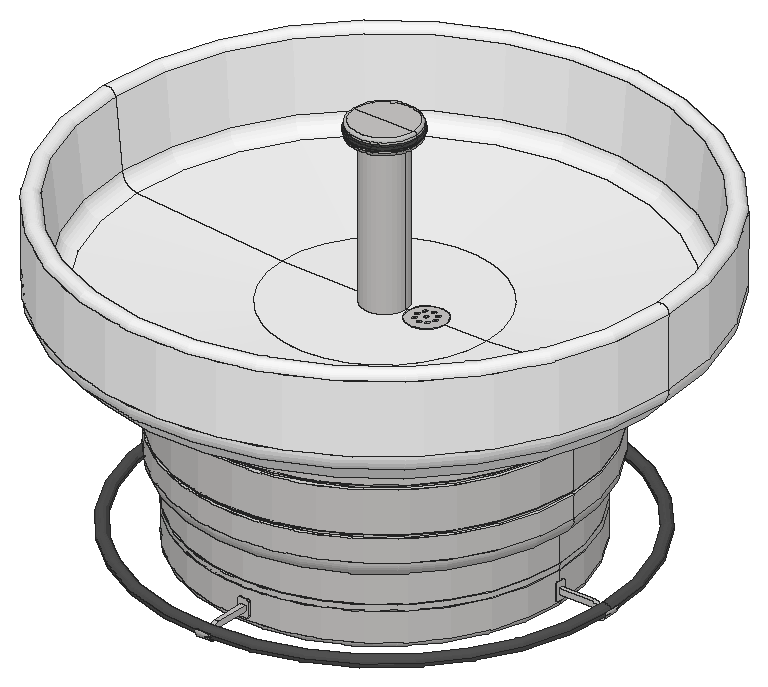
Revit family "Washfountain_Lavatory-Bradley_Corp-WF2608-Type_O_Drain", category Plumbing Fixtures, Revit 2012
Parameters (values of type "Standard")
  Width = 54.000"
  Warranty Information = ""
  WFU = 0
  Voltage = 110 V
  Version = "2.0"
  URL = "http://www.bradleycorp.com/"
  Towel Dispenser Holder [instance] = if((Soap Dispenser), 8.375", 16.875")  # 16.875"
  Towel Dispenser Height [instance] = if(and(Soap Dispenser, Sensor Module, Model ID = 2), 56.000", if(and(No Soap Dispenser, Sensor Module, Model ID = 2), 56.000", if(and(Soap Dispenser, No Sensor Module, Model ID = 2), 52.500", if(and(No Soap Dispenser, No Sensor Module, Model ID = 2), 52.500", if(and(Soap Dispenser, Sensor Module, Model ID = 1), 52.000", if(and(No Soap Dispenser, Sensor Module, Model ID = 1), 52.000", if(and(Soap Dispenser, No Sensor Module, Model ID = 1), 48.500", 48.500")))))))  # 52.500"
  TouchTime® Control [instance] = no
  Technical Data = ""
  Supply Height [instance] = if(and(Sensor Module, Soap Dispenser, Towel Dispenser, Model ID = 2), 72.313", if(and(Sensor Module, Soap Dispenser, No Towel Dispenser, Model ID = 2), 47.625", if(and(Sensor Module, No Soap Dispenser, No Towel Dispenser, Model ID = 2), 39.125", if(and(Sensor Module, No Soap Dispenser, Towel Dispenser, Model ID = 2), 72.313", if(and(No Sensor Module, No Soap Dispenser, No Towel Dispenser, Model ID = 2), 35.625", if(and(No Sensor Module, No Soap Dispenser, Towel Dispenser, Model ID = 2), 68.813", if(and(No Sensor Module, Soap Dispenser, No Towel Dispenser, Model ID = 2), 44.125", if(and(No Sensor Module, Soap Dispenser, Towel Dispenser, Model ID = 2), 68.813", if(and(Sensor Module, Soap Dispenser, Towel Dispenser, Model ID = 1), 68.313", if(and(Sensor Module, Soap Dispenser, No Towel Dispenser, Model ID = 1), 43.625", if(and(Sensor Module, No Soap Dispenser, No Towel Dispenser, Model ID = 1), 35.125", if(and(Sensor Module, No Soap Dispenser, Towel Dispenser, Model ID = 1), 68.313", if(and(No Sensor Module, No Soap Dispenser, No Towel Dispenser, Model ID = 1), 31.625", if(and(No Sensor Module, No Soap Dispenser, Towel Dispenser, Model ID = 1), 64.813", if(and(No Sensor Module, Soap Dispenser, No Towel Dispenser, Model ID = 1), 40.125", 64.813")))))))))))))))  # 35.625"
  Standard Height = Model ID = 2  # yes
  Spray Head Height = 35.625"
  Specifications URL = "http://www.bradleycorp.com/3partspec"
  Soap Dispenser Holder [instance] = 2.500"  # constant formula
  Soap Dispenser Height [instance] = if(and(No Sensor Module, Model ID = 2), 44.125", if(and(Sensor Module, Model ID = 2), 47.625", if(and(No Sensor Module, Model ID = 1), 40.125", 43.625")))  # 44.125"
  Sensor Module Height = 39.125"
  Sensor Module [instance] = or(not(Foot Control Valve), TouchTime® Control, Air Valve Hand Control, Adaptive Infrared Activation Control)  # no
  Rim Height = 29.250"
  Product Tech Data URL - Spanish = ""
  Product Tech Data URL - French = ""
  Product Tech Data URL - English = "http://bradleycorp.com/download/1843/2019.pdf"
  Pedestal Material = Metal - Bradley Corp - Stainless Steel - Satin
  Pedestal Height = 19.000"
  Operating Water Pressure Range = "20 - 80 PSI"
  OmniClass Table 23 Title = "Sinks/Lavatories"
  OmniClass Table 23 Number = "23-31 13 00"
  OmniClass Table 21 Title = "Plumbing Fixtures"
  OmniClass Table 21 Number = "21-04 20 10 60"
  No Towel Dispenser [instance] = not(Towel Dispenser)  # yes
  No Soap Dispenser [instance] = not(Soap Dispenser)  # yes
  No Sensor Module [instance] = not(Sensor Module)  # yes
  Modeling Code = ""
  Model ID = 2
  Model = "WF2608"
  Material Note = "Other Terrazzo colors available - See www.bradleycorp.com "
  MasterFormat Title = "Commercial Lavatories and Sinks"
  MasterFormat Number = "22 42 16"
  Manufacturer = "Bradley Corp"
  Juvenile Height = Model ID = 1  # no
  Industry Standards = "ANSI Z124.3, Z124.6 and ANSI/ICPA SS-1-2001"
  Hot Lavatory Inlet Radius = Hot Lavatory Inlet / 2  # 1/4"
  Hot Lavatory Inlet = 0.500"  # 1/2"
  HWFU = 0
  Frequency = 50 Hz
  Foot Control Valve [instance] = not(or(TouchTime® Control, Air Valve Hand Control, Adaptive Infrared Activation Control))  # yes
  Flow Rate = 5.0 GPM
  Fire Rating = "n/a"
  Drain Radius = Drain / 2  # 1"
  Drain = 2"
  Description = "Washfountain, 54\" Circular with 9\" Deep Bowl"
  Copyright = "This Model Data is Property of Bradley Corporation"
  Cold Lavatory Inlet Radius = Cold Lavatory Inlet / 2  # 1/4"
  Cold Lavatory Inlet = 0.500"  # 1/2"
  CWFU = 0
  Buy American Act = "No"
  Button Visibility [instance] = or(TouchTime® Control, Air Valve Hand Control)  # no
  Bowl Material [instance] = Stone - Bradley Corp - White Marmorite
  Assembly Code = "D2010300"
  Air Valve Hand Control [instance] = no
  Adaptive Infrared Activation Control [instance] = no
  ADA Compliant = "Yes"
  Soap Dispenser [instance] = no
  Towel Dispenser [instance] = no
Reference planes (in)
  plane 1 "Center (Front/Back)": y = 0
  plane 2: z = 0
  plane 3 "Center (Left/Right)": x = 0
  plane 4 "Left": x = -27
  plane 5 "Right": x = 27
  plane 6 "Front": y = -27
  plane 7 "Back": y = 27
  plane 8 "Towel Dispenser": z = 52.5
  plane 9 "Soap Dispenser": z = 44.125
  plane 10 "Sensor Module": z = 39.125
  plane 11 "Spray Head": z = 35.625
  plane 12 "Rim Height": z = 29.25
  plane 13 "Pedestal Height": z = 19
  plane 14: z = 38.125
Forms (in)
  Revolve 1, solid, material "Stone - Bradley Corp - White Marmorite" <- "Bowl Material", detail levels medium+fine
    sketch origin (-3, 0, 29.25) x (1, 0, 0) y (0, 0, 1)
      loop
        line (-24, -0.75) -> (-24, -7.10922)
        arc (-24, -7.10922) -> (-23.84776, -7.87459) -> (-23.41421, -8.52343) r 2
        line (-23.41421, -8.52343) -> (-21.68765, -10.25) -> (1, -10.25) -> (1, -9) -> (-6.75, -9)
        arc (-6.75, -9) -> (-13.62836, -8.77247) -> (-20.47664, -8.09088) r 104.08291
        arc (-20.47664, -8.09088) -> (-21.43666, -7.65917) -> (-21.89048, -6.70941) r 1.52978
        line (-21.89048, -6.70941) -> (-22.51639, -0.59407)
        arc (-22.51639, -0.59407) -> (-23.32839, -0.00411) -> (-24, -0.75) r 0.75
      axis (3, -0.59407) -> (3, -10.25)
    angle from 0 to 360
  Revolve 2, solid, material "Stone - Bradley Corp - White Marmorite" <- "Bowl Material", detail levels coarse
    sketch origin (-3, 0, 29.25) x (1, 0, 0) y (0, 0, 1)
      loop
        line (-24, 0) -> (-24, -10.25) -> (3, -10.25) -> (3, -9) -> (-4.5, -9) -> (-21.74309, -7.95152) -> (-22.57883, 0) -> (-24, 0)
      axis (3, 0) -> (3, -10.25)
    angle from 0 to 360
  Revolve 3, solid, material "Metal - Bradley Corp - Stainless Steel - Satin" <- "Pedestal Material", visible <- "Standard Height", detail levels medium+fine
    sketch origin (-3, 0, 19) x (1, 0, 0) y (0, 0, 1)
      loop
        line (-14.96214, 0.00002) -> (-14.96214, -4.37498) -> (-14.83714, -4.49998) -> (-14.83714, -4.62498) -> (-14.96214, -4.74998) -> (-14.96214, -8.56248) -> (-14.83714, -8.68748) -> (-14.83714, -8.81248) -> (-14.96214, -8.93748) -> (-14.96214, -10.99998)
        arc (-14.96214, -10.99998) -> (-14.57597, -12.00466) -> (-13.6163, -12.49204) r 1.5
        line (-13.6163, -12.49204) -> (-13.6163, -15.1945) -> (-13.6643, -15.25815) -> (-13.6643, -15.75585) -> (-13.6163, -15.8195) -> (-13.6163, -18.5)
        arc (-13.6163, -18.5) -> (-13.46985, -18.85355) -> (-13.1163, -19) r 0.5
        line (-13.1163, -19) -> (3, -19) -> (3, 0.00002) -> (-14.96214, 0.00002)
      axis (3, 0.00002) -> (3, -19)
    angle from 0 to 360
  Revolve 4, solid, material "Metal - Bradley Corp - Stainless Steel - Satin" <- "Pedestal Material", visible <- "Standard Height", detail levels coarse
    sketch origin (-3, 0, 19) x (1, 0, 0) y (0, 0, 1)
      loop
        line (-14.96214, 0) -> (-14.96214, -12.49204) -> (-13.6163, -12.49204) -> (-13.6163, -19) -> (3, -19) -> (3, 0) -> (-14.96214, 0)
      axis (3, 0) -> (3, -19)
    angle from 0 to 360
  Revolve 5, solid, material "Metal - Bradley Corp - Stainless Steel - Satin" <- "Pedestal Material", visible <- "Juvenile Height", detail levels medium+fine
    sketch origin (-3, 0, 19) x (1, 0, 0) y (0, 0, 1)
      loop
        line (-14.96214, 0) -> (-14.96214, -3.42941) -> (-14.86416, -3.52739) -> (-14.86416, -3.62537) -> (-14.96214, -3.72336) -> (-14.96214, -6.71184) -> (-14.86416, -6.80982) -> (-14.86416, -6.90781) -> (-14.96214, -7.00579) -> (-14.96214, -8.44011)
        arc (-14.96214, -8.44011) -> (-14.56796, -9.39176) -> (-13.6163, -9.78595) r 1.34584
        line (-13.6163, -9.78595) -> (-13.6163, -11.1945) -> (-13.6643, -11.25815) -> (-13.6643, -11.75585) -> (-13.6163, -11.8195) -> (-13.6163, -14.60807)
        arc (-13.6163, -14.60807) -> (-13.50151, -14.88521) -> (-13.22437, -15) r 0.39193
        line (-13.22437, -15) -> (3, -15) -> (3, 0) -> (-14.96214, 0)
      axis (3, 0) -> (3, -15)
    angle from 0 to 360
  Revolve 6, solid, material "Metal - Bradley Corp - Stainless Steel - Satin" <- "Pedestal Material", visible <- "Juvenile Height", detail levels coarse
    sketch origin (-3, 0, 19) x (1, 0, 0) y (0, 0, 1)
      loop
        line (-14.96214, 0.00002) -> (-14.96214, -9.78595) -> (-13.6163, -9.78595) -> (-13.6163, -15) -> (3, -15) -> (3, 0.00002) -> (-14.96214, 0.00002)
      axis (3, 0.00002) -> (3, -15)
    angle from 0 to 360
  Revolve 7, solid, material "Metal - Bradley Corp - Stainless Steel - Polished", detail levels fine
    sketch origin (-3, 0, 35.625) x (1, 0, 0) y (0, 0, 1)
      loop
        arc (0.215, 0.00002) -> (0.03822, -0.0732) -> (-0.035, -0.24998) r 0.25
        line (-0.035, -0.24998) -> (-0.035, -0.44498)
        arc (-0.035, -0.44498) -> (-0.10129, -0.47244) -> (-0.12875, -0.53873) r 0.09375
        line (-0.12875, -0.53873) -> (-0.12875, -0.85123)
        arc (-0.12875, -0.85123) -> (-0.10129, -0.91752) -> (-0.035, -0.94498) r 0.09375
        line (-0.035, -0.94498) -> (-0.035, -1.13998)
        arc (-0.035, -1.13998) -> (0.03822, -1.31676) -> (0.215, -1.38998) r 0.25
        line (0.215, -1.38998) -> (1, -1.38998) -> (1, -16.625) -> (3, -16.625) -> (3, 0.00002) -> (0.215, 0.00002)
      axis (3, 0.00002) -> (3, -16.625)
    angle from 0 to 360
  Revolve 8, solid, material "Metal - Bradley Corp - Stainless Steel - Polished", detail levels coarse+medium
    sketch origin (-3, 0, 35.625) x (1, 0, 0) y (0, 0, 1)
      loop
        line (3, 0) -> (0.21498, 0) -> (-0.12875, -0.44498) -> (-0.12875, -0.94498) -> (0.215, -1.38998) -> (1, -1.38998) -> (1, -16.625) -> (3, -16.625) -> (3, 0)
      axis (3, 0) -> (3, -16.625)
    angle from 0 to 360
  Revolve 9, solid, material "Metal - Bradley Corp - Stainless Steel - Polished", visible <- "Soap Dispenser", detail levels fine
    sketch origin (-3, 0, 44.125) x (1, 0, 0) y (0, 0, 1)
      loop
        arc (-1.17907, 0) -> (-2.18101, -0.11803) -> (-3.1566, -0.375) r 7.19764
        line (-3.1566, -0.375) -> (-3.1566, -1) -> (-3.01376, -1) -> (-3.01376, -1.64327) -> (-2.98301, -1.64327) -> (-2.98301, -2.89327) -> (-2.93039, -2.89327) -> (-2.93039, -4.14327) -> (-2.87777, -4.14327) -> (-2.87777, -5.39327) -> (-2.81, -5.39327) -> (-2.81, -6) -> (3, -6) -> (3, 0) -> (-1.17907, 0)
      axis (3, 0) -> (3, -6)
    angle from 0 to 360
  Revolve 10, solid, material "Metal - Bradley Corp - Stainless Steel - Polished", visible <- "Soap Dispenser", detail levels coarse+medium
    sketch origin (-3, 0, 44.125) x (1, 0, 0) y (0, 0, 1)
      loop
        line (3, -1) -> (-3.1566, -1) -> (-2.81, -6) -> (3, -6) -> (3, -1)
      axis (3, -1) -> (3, -6)
    angle from 0 to 360
  Revolve 11, solid, material "Metal - Bradley Corp - Stainless Steel - Polished", visible <- "Sensor Module", detail levels fine
    sketch origin (-3, 0, 39.125) x (1, 0, 0) y (0, 0, 1)
      loop
        line (-1.49987, -0.56541) -> (-1.49987, -1.98683)
        arc (-1.49987, -1.98683) -> (-1.48063, -2.08301) -> (-1.42587, -2.16439) r 0.25
        line (-1.42587, -2.16439) -> (-0.82309, -2.76716)
        arc (-0.82309, -2.76716) -> (-0.74199, -2.82135) -> (-0.64632, -2.84038) r 0.25
        line (-0.64632, -2.84038) -> (1, -2.84038) -> (1, -3.5) -> (3, -3.5) -> (3, 0) -> (0.89718, 0)
        arc (0.89718, 0) -> (-0.28099, -0.0858) -> (-1.45612, -0.2063) r 40.06
        arc (-1.45612, -0.2063) -> (-1.54124, -0.251) -> (-1.57537, -0.34072) r 0.135
        line (-1.57537, -0.34072) -> (-1.57537, -0.56541) -> (-1.49987, -0.56541)
      axis (3, 0) -> (3, -3.5)
    angle from 0 to 360
  Revolve 12, solid, material "Metal - Bradley Corp - Stainless Steel - Polished", visible <- "Sensor Module", detail levels coarse+medium
    sketch origin (-3, 0, 39.125) x (1, 0, 0) y (0, 0, 1)
      loop
        line (-1.57537, -2.01488) -> (-0.75025, -2.84) -> (1, -2.84) -> (1, -3.5) -> (3, -3.5) -> (3, 0) -> (-1.57537, 0) -> (-1.57537, -2.01488)
      axis (3, 0) -> (3, -3.5)
    angle from 0 to 360
  Extrusion 13, solid, material "Metal - Bradley Corp - Stainless Steel - Polished", visible <- "Towel Dispenser"
    sketch origin (-5.60167, 3.20696, 52.5) x (0, 0, 1) y (0, 1, 0)
      loop
        line (0, 0) -> (15.313, 0) -> (14.62567, 4) -> (1.37502, 4) -> (0, 1.75) -> (0, 0)
    from -0.10167 to -11.10192
  Extrusion 14, solid, material "Metal - Bradley Corp - Stainless Steel - Polished", visible <- "Towel Dispenser"
    sketch origin (-0.0117, -6.47515, 55.75) x (0, 0, 1) y (-0.866025, -0.5, 0)
      loop
        line (-3.25, 0) -> (12.063, 0) -> (11.37567, 4) -> (-1.87498, 4) -> (-3.25, 1.75) -> (-3.25, 0)
    from -0.10167 to -11.10192
  Extrusion 15, solid, material "Metal - Bradley Corp - Stainless Steel - Polished", visible <- "Towel Dispenser"
    sketch origin (5.61356, 3.22741, 55.75) x (0, 0, 1) y (0.866038, -0.499977, 0)
      loop
        line (-3.25, 0) -> (12.063, 0) -> (11.37567, 4) -> (-1.87498, 4) -> (-3.25, 1.75) -> (-3.25, 0)
    from -0.10167 to -11.10192
  Extrusion 16, solid, material "Metal - Bradley Corp - Stainless Steel - Polished", visible <- "Towel Dispenser"
    sketch origin (0, 0, 52.5) x (-1, 0, 0) y (0, -1, 0)
      loop
        circle (0, 0) r 2
    from -16.875 to 16.313
  Extrusion 17, solid, material "Metal - Bradley Corp - Stainless Steel - Polished", visible <- "Soap Dispenser"
    sketch origin (0, 0, 44.125) x (-1, 0, 0) y (0, -1, 0)
      loop
        circle (0, 0) r 2
    from -6 to -8.5
  Extrusion 18, solid, material "Metal - Bradley Corp - Stainless Steel - Polished", visible <- "Towel Dispenser"
    sketch origin (0, 0, 52.5) x (-1, 0, 0) y (0, -1, 0)
      loop
        line (5.5, -3.20696) -> (5.56259, -3.13929) -> (0.06259, 6.38699) -> (-0.06295, 6.38699) -> (-5.56269, -3.13929) -> (-5.50026, -3.20696) -> (5.5, -3.20696)
      loop
        circle (0, 0) r 2
    from 14.62567 to 14.12567
  Extrusion 19, solid, material "Metal - Bradley Corp - Stainless Steel - Polished", visible <- "Towel Dispenser"
    sketch origin (0, 0, 52.5) x (-1, 0, 0) y (0, -1, 0)
      loop
        line (5.56259, -3.13929) -> (0.06259, 6.38699) -> (-0.06295, 6.38699) -> (-5.56269, -3.13929) -> (-5.50026, -3.20696) -> (5.5, -3.20696) -> (5.56259, -3.13929)
      loop
        circle (0, 0) r 2
    from 1.0786 to 1.5786
  Sweep 20, solid, material "Plastic - Bradley Corp - Black", visible <- "Foot Control Valve"
    path in 3D
      loop
        arc (-21, 0, 0) -> (0, -21, 0) -> (21, 0, 0) r 21
        arc (21, 0, 0) -> (0, 21, 0) -> (-21, 0, 0) r 21
    profile origin (0, 21, 0) x (0, -1, 0) y (0, 0, 1)
      loop
        circle (0, 1.425) r 0.5
  Extrusion 21, solid, material "Metal - Bradley Corp - Stainless Steel - Satin", visible <- "Foot Control Valve"
    sketch origin (0, 0, 0) x (1, 0, 0) y (0, 0, 1)
      loop
        arc (-21.48307, 1.55388) -> (-21.51847, 1.61509) -> (-21.57968, 1.57969) r 0.05
        arc (-21.57968, 1.57969) -> (-21.01372, 0.82503) -> (-20.41385, 1.55302) r 0.6
        arc (-20.41385, 1.55302) -> (-20.47337, 1.59119) -> (-20.51154, 1.53166) r 0.05
        arc (-20.51154, 1.53166) -> (-21.01143, 0.925) -> (-21.48307, 1.55388) r 0.5
      loop
        arc (21.48307, 1.55388) -> (21.01143, 0.925) -> (20.51154, 1.53166) r 0.5
        arc (20.51154, 1.53166) -> (20.47337, 1.59119) -> (20.41385, 1.55302) r 0.05
        arc (20.41385, 1.55302) -> (21.01372, 0.82503) -> (21.57968, 1.57969) r 0.6
        arc (21.57968, 1.57969) -> (21.51847, 1.61509) -> (21.48307, 1.55388) r 0.05
    from -0.67 to 0.67
  Extrusion 22, solid, material "Metal - Bradley Corp - Stainless Steel - Satin", visible <- "Foot Control Valve"
    sketch origin (0, 0, 0) x (0, 1, 0) y (0, 0, 1)
      loop
        arc (21.48307, 1.55401) -> (21.01143, 0.92513) -> (20.51154, 1.53179) r 0.5
        arc (20.51154, 1.53179) -> (20.47337, 1.59132) -> (20.41385, 1.55315) r 0.05
        arc (20.41385, 1.55315) -> (21.01372, 0.82516) -> (21.57968, 1.57982) r 0.6
        arc (21.57968, 1.57982) -> (21.51847, 1.61522) -> (21.48307, 1.55401) r 0.05
      loop
        arc (-21.48307, 1.55401) -> (-21.51847, 1.61522) -> (-21.57968, 1.57982) r 0.05
        arc (-21.57968, 1.57982) -> (-21.01372, 0.82516) -> (-20.41385, 1.55315) r 0.6
        arc (-20.41385, 1.55315) -> (-20.47337, 1.59132) -> (-20.51154, 1.53179) r 0.05
        arc (-20.51154, 1.53179) -> (-21.01143, 0.92513) -> (-21.48307, 1.55401) r 0.5
    from -0.67 to 0.67
  Extrusion 23, solid, material "Metal - Bradley Corp - Stainless Steel - Satin", visible <- "Foot Control Valve"
    sketch origin (0, 0, 0) x (1, 0, 0) y (0, 0, 1)
      loop
        line (-16.6163, 1.26725) -> (-16.6163, 1.76725) -> (-19.80661, 1.76725)
        arc (-19.80661, 1.76725) -> (-20.14911, 1.67556) -> (-20.4, 1.42503) r 0.68556
        arc (-20.4, 1.42503) -> (-20.57574, 1.00076) -> (-21, 0.82503) r 0.6
        arc (-21, 0.82503) -> (-20.42367, 0.87326) -> (-19.94786, 1.20202) r 1.12245
        arc (-19.94786, 1.20202) -> (-19.8844, 1.25015) -> (-19.80661, 1.26725) r 0.18556
        line (-19.80661, 1.26725) -> (-16.6163, 1.26725)
      loop
        line (16.6163, 1.26725) -> (19.80661, 1.26725)
        arc (19.80661, 1.26725) -> (19.8844, 1.25015) -> (19.94786, 1.20202) r 0.18556
        arc (19.94786, 1.20202) -> (20.42367, 0.87326) -> (21, 0.82503) r 1.12245
        arc (21, 0.82503) -> (20.57574, 1.00076) -> (20.4, 1.42503) r 0.6
        arc (20.4, 1.42503) -> (20.14911, 1.67556) -> (19.80661, 1.76725) r 0.68556
        line (19.80661, 1.76725) -> (16.6163, 1.76725) -> (16.6163, 1.26725)
    from -0.2 to 0.2
  Extrusion 24, solid, material "Metal - Bradley Corp - Stainless Steel - Satin", visible <- "Foot Control Valve"
    sketch origin (0, 0, 0) x (0, 1, 0) y (0, 0, 1)
      loop
        line (16.61723, 1.27219) -> (19.80754, 1.27219)
        arc (19.80754, 1.27219) -> (19.88533, 1.25509) -> (19.94879, 1.20696) r 0.18556
        arc (19.94879, 1.20696) -> (20.4246, 0.8782) -> (21.00093, 0.82997) r 1.12245
        arc (21.00093, 0.82997) -> (20.57666, 1.0057) -> (20.40093, 1.42997) r 0.6
        arc (20.40093, 1.42997) -> (20.15004, 1.6805) -> (19.80754, 1.77219) r 0.68556
        line (19.80754, 1.77219) -> (16.61723, 1.77219) -> (16.61723, 1.27219)
      loop
        line (-16.61723, 1.27219) -> (-16.61723, 1.77219) -> (-19.80754, 1.77219)
        arc (-19.80754, 1.77219) -> (-20.15004, 1.6805) -> (-20.40093, 1.42997) r 0.68556
        arc (-20.40093, 1.42997) -> (-20.57666, 1.0057) -> (-21.00093, 0.82997) r 0.6
        arc (-21.00093, 0.82997) -> (-20.4246, 0.8782) -> (-19.94879, 1.20696) r 1.12245
        arc (-19.94879, 1.20696) -> (-19.88533, 1.25509) -> (-19.80754, 1.27219) r 0.18556
        line (-19.80754, 1.27219) -> (-16.61723, 1.27219)
    from -0.19588 to 0.2
  Extrusion 25, solid, material "Metal - Bradley Corp - Stainless Steel - Satin", visible <- "Foot Control Valve"
    sketch origin (0, 0, 0) x (0, 1, 0) y (0, 0, 1)
      loop
        line (0.25501, 2.33461) -> (-0.24499, 2.33461)
        arc (-0.24499, 2.33461) -> (-0.42177, 2.26139) -> (-0.49499, 2.08461) r 0.25
        line (-0.49499, 2.08461) -> (-0.49499, 0.95961)
        arc (-0.49499, 0.95961) -> (-0.42177, 0.78284) -> (-0.24499, 0.70961) r 0.25
        line (-0.24499, 0.70961) -> (0.25501, 0.70961)
        arc (0.25501, 0.70961) -> (0.43178, 0.78284) -> (0.50501, 0.95961) r 0.25
        line (0.50501, 0.95961) -> (0.50501, 2.08461)
        arc (0.50501, 2.08461) -> (0.43178, 2.26139) -> (0.25501, 2.33461) r 0.25
      loop
        line (0.24214, 1.22802) -> (0.24214, 1.81621) -> (-0.23845, 1.81621) -> (-0.23845, 1.22802) -> (0.24214, 1.22802)
    from -16.72356 to -16.6163
  Extrusion 26, solid, material "Metal - Bradley Corp - Stainless Steel - Satin", visible <- "Foot Control Valve"
    sketch origin (0, 0, 0) x (0, 1, 0) y (0, 0, 1)
      loop
        arc (-0.25501, 2.33461) -> (-0.43178, 2.26139) -> (-0.50501, 2.08461) r 0.25
        line (-0.50501, 2.08461) -> (-0.50501, 0.95961)
        arc (-0.50501, 0.95961) -> (-0.43178, 0.78284) -> (-0.25501, 0.70961) r 0.25
        line (-0.25501, 0.70961) -> (0.24499, 0.70961)
        arc (0.24499, 0.70961) -> (0.42177, 0.78284) -> (0.49499, 0.95961) r 0.25
        line (0.49499, 0.95961) -> (0.49499, 2.08461)
        arc (0.49499, 2.08461) -> (0.42177, 2.26139) -> (0.24499, 2.33461) r 0.25
        line (0.24499, 2.33461) -> (-0.25501, 2.33461)
      loop
        line (-0.24214, 1.22802) -> (0.23845, 1.22802) -> (0.23845, 1.81621) -> (-0.24214, 1.81621) -> (-0.24214, 1.22802)
    from 16.6163 to 16.73125
  Extrusion 27, solid, material "Metal - Bradley Corp - Stainless Steel - Satin", visible <- "Foot Control Valve"
    sketch origin (0, 0, 0) x (1, 0, 0) y (0, 0, 1)
      loop
        arc (-0.25501, 2.33461) -> (-0.43178, 2.26139) -> (-0.50501, 2.08461) r 0.25
        line (-0.50501, 2.08461) -> (-0.50501, 0.95961)
        arc (-0.50501, 0.95961) -> (-0.43178, 0.78284) -> (-0.25501, 0.70961) r 0.25
        line (-0.25501, 0.70961) -> (0.24499, 0.70961)
        arc (0.24499, 0.70961) -> (0.42177, 0.78284) -> (0.49499, 0.95961) r 0.25
        line (0.49499, 0.95961) -> (0.49499, 2.08461)
        arc (0.49499, 2.08461) -> (0.42177, 2.26139) -> (0.24499, 2.33461) r 0.25
        line (0.24499, 2.33461) -> (-0.25501, 2.33461)
      loop
        line (-0.24214, 1.22802) -> (0.23845, 1.22802) -> (0.23845, 1.81621) -> (-0.24214, 1.81621) -> (-0.24214, 1.22802)
    from -16.72356 to -16.6163
  Extrusion 28, solid, material "Metal - Bradley Corp - Stainless Steel - Satin", visible <- "Foot Control Valve"
    sketch origin (0, 0, 0) x (1, 0, 0) y (0, 0, 1)
      loop
        line (0.25501, 2.33461) -> (-0.24499, 2.33461)
        arc (-0.24499, 2.33461) -> (-0.42177, 2.26139) -> (-0.49499, 2.08461) r 0.25
        line (-0.49499, 2.08461) -> (-0.49499, 0.95961)
        arc (-0.49499, 0.95961) -> (-0.42177, 0.78284) -> (-0.24499, 0.70961) r 0.25
        line (-0.24499, 0.70961) -> (0.25501, 0.70961)
        arc (0.25501, 0.70961) -> (0.43178, 0.78284) -> (0.50501, 0.95961) r 0.25
        line (0.50501, 0.95961) -> (0.50501, 2.08461)
        arc (0.50501, 2.08461) -> (0.43178, 2.26139) -> (0.25501, 2.33461) r 0.25
      loop
        line (0.24214, 1.22802) -> (0.24214, 1.81621) -> (-0.23845, 1.81621) -> (-0.23845, 1.22802) -> (0.24214, 1.22802)
    from 16.61723 to 16.73515
  Extrusion 29, void
    sketch origin (0, 0, 19) x (-1, 0, 0) y (0, -1, 0)
      loop
        circle (-4, 0) r 1.75
    from 0 to 10.25
  Extrusion 30, solid, material "Metal - Bradley Corp - Stainless Steel - Polished", detail levels medium+fine
    sketch origin (0, 0, 19) x (-1, 0, 0) y (0, -1, 0)
      loop
        circle (-4, 0) r 1.75
      loop
        circle (-4, 0) r 0.1842
      loop
        circle (-4, -0.87771) r 0.1842
      loop
        circle (-3.12229, 0) r 0.1842
      loop
        circle (-4, 0.87771) r 0.1842
      loop
        circle (-4.87771, 0) r 0.1842
      loop
        circle (-4.62063, -0.62063) r 0.1842
      loop
        circle (-3.37937, -0.62063) r 0.1842
      loop
        circle (-3.37937, 0.62063) r 0.1842
      loop
        circle (-4.62063, 0.62063) r 0.1842
    from 1.25 to 1.20024
  Extrusion 31, solid, material "Default", not visible, detail levels medium+fine
    sketch origin (0, 0, 0) x (1, 0, 0) y (0, 1, 0)
      loop
        circle (4, 0) r 1
      loop
        line (1, 5.5) -> (-1, 5.5) -> (-1, 4.5) -> (1, 4.5) -> (1, 5.5)
    from 0 to 3
  Extrusion 32, solid, material "Default", not visible, detail levels medium+fine
    sketch origin (0, 0, 0) x (1, 0, 0) y (0, 1, 0)
      loop
        circle (-0.875, 1.25) r 0.25
      loop
        circle (0.875, 1.25) r 0.25
    from 0 to 35.625
  Revolve 33, solid, material "Plastic - Bradley Corp - Black", visible <- "Soap Dispenser", detail levels coarse+medium
    sketch origin (-3, 0, 44.125) x (1, 0, 0) y (0, 0, 1)
      loop
        line (-3.1566, -1) -> (3, -1) -> (3, 0) -> (-3.22592, 0) -> (-3.1566, -1)
      axis (3, 0) -> (3, -1)
    angle from 0 to 360
  Extrusion 34, solid, material "Metal - Bradley Corp - Stainless Steel - Polished", visible <- "Button Visibility"
    sketch origin (-3, 0, 39.125) x (1, 0, 0) y (0, 0, 1)
      loop
        circle (3, -1.3649) r 0.5
    from 4.57537 to 4.97537
  Extrusion 35, solid, material "Metal - Bradley Corp - Stainless Steel - Polished", visible <- "Button Visibility"
    sketch origin (-3, 0, 39.125) x (1, 0, 0) y (0, 0, 1)
      loop
        circle (3, -1.3649) r 0.5
    from -4.57537 to -4.97537
  Extrusion 36, solid, material "Metal - Bradley Corp - Stainless Steel - Polished", visible <- "Button Visibility", detail levels fine
    sketch origin (-3, 0, 39.125) x (1, 0, 0) y (0, 0, 1)
      loop
        circle (3, -1.3649) r 0.25
    from 4.49987 to 4.57537
  Extrusion 37, solid, material "Metal - Bradley Corp - Stainless Steel - Polished", visible <- "Button Visibility", detail levels fine
    sketch origin (-3, 0, 39.125) x (1, 0, 0) y (0, 0, 1)
      loop
        circle (3, -1.3649) r 0.25
    from -4.57537 to -4.49987
Cuts and joins
  Extrusion 29 cuts Revolve 2
  Extrusion 29 cuts Revolve 1
Lines and regions (in)
  Masking region 1, detail levels coarse
    outline origin (-3, 0, 29.25) x (1, 0, 0) y (0, 0, 1)
      loop
        line (-24, 0) -> (-24, -10.25) -> (30, -10.25) -> (30, 0) -> (-24, 0)
  Masking region 2, detail levels medium+fine
    outline origin (-3, 0, 29.25) x (1, 0, 0) y (0, 0, 1)
      loop
        arc (-23.25, 0) -> (-23.78033, -0.21967) -> (-24, -0.75) r 0.75
        line (-24, -0.75) -> (-24, -7.10922)
        arc (-24, -7.10922) -> (-23.84776, -7.87459) -> (-23.41421, -8.52343) r 2
        line (-23.41421, -8.52343) -> (-21.68765, -10.25) -> (27.68765, -10.25) -> (29.41421, -8.52343)
        arc (29.41421, -8.52343) -> (29.84776, -7.87459) -> (30, -7.10922) r 2
        line (30, -7.10922) -> (30, -0.75)
        arc (30, -0.75) -> (29.78033, -0.21967) -> (29.25, 0) r 0.75
        line (29.25, 0) -> (-23.25, 0)
  Masking region 3, visible <- "Standard Height", detail levels coarse
    outline origin (-3, 0, 19) x (1, 0, 0) y (0, 0, 1)
      loop
        line (-14.96214, 0) -> (-14.96214, -12.49204) -> (-13.6163, -12.49204) -> (-13.6163, -19) -> (19.6163, -19) -> (19.6163, -12.49204) -> (20.96214, -12.49204) -> (20.96214, 0) -> (-14.96214, 0)
  Masking region 4, visible <- "Standard Height", detail levels medium+fine
    outline origin (-3, 0, 19) x (1, 0, 0) y (0, 0, 1)
      loop
        line (-14.96214, 0.00002) -> (-14.96214, -4.37498) -> (-14.83714, -4.49998) -> (-14.83714, -4.62498) -> (-14.96214, -4.74998) -> (-14.96214, -8.56248) -> (-14.83714, -8.68748) -> (-14.83714, -8.81248) -> (-14.96214, -8.93748) -> (-14.96214, -10.99998)
        arc (-14.96214, -10.99998) -> (-14.57597, -12.00466) -> (-13.6163, -12.49204) r 1.5
        line (-13.6163, -12.49204) -> (-13.6163, -15.1945) -> (-13.6643, -15.25815) -> (-13.6643, -15.75585) -> (-13.6163, -15.8195) -> (-13.6163, -18.5)
        arc (-13.6163, -18.5) -> (-13.46985, -18.85355) -> (-13.1163, -19) r 0.5
        line (-13.1163, -19) -> (19.1163, -19)
        arc (19.1163, -19) -> (19.46985, -18.85355) -> (19.6163, -18.5) r 0.5
        line (19.6163, -18.5) -> (19.6163, -15.8195) -> (19.6643, -15.75585) -> (19.6643, -15.25815) -> (19.6163, -15.1945) -> (19.6163, -12.49204)
        arc (19.6163, -12.49204) -> (20.57597, -12.00466) -> (20.96214, -10.99998) r 1.5
        line (20.96214, -10.99998) -> (20.96214, -8.93748) -> (20.83714, -8.81248) -> (20.83714, -8.68748) -> (20.96214, -8.56248) -> (20.96214, -4.74998) -> (20.83714, -4.62498) -> (20.83714, -4.49998) -> (20.96214, -4.37498) -> (20.96214, 0.00002) -> (-14.96214, 0.00002)
  Masking region 5, visible <- "Juvenile Height", detail levels coarse
    outline origin (-3, 0, 19) x (1, 0, 0) y (0, 0, 1)
      loop
        line (-14.96214, 0) -> (-14.96214, -9.78595) -> (-13.6163, -9.78595) -> (-13.6163, -15) -> (19.6163, -15) -> (19.6163, -9.78595) -> (20.96214, -9.78595) -> (20.96214, 0) -> (-14.96214, 0)
  Masking region 6, visible <- "Juvenile Height", detail levels medium+fine
    outline origin (-3, 0, 19) x (1, 0, 0) y (0, 0, 1)
      loop
        line (-14.96214, 0) -> (-14.96214, -3.42941) -> (-14.86416, -3.52739) -> (-14.86416, -3.62537) -> (-14.96214, -3.72336) -> (-14.96214, -6.71184) -> (-14.86416, -6.80982) -> (-14.86416, -6.90781) -> (-14.96214, -7.00579) -> (-14.96214, -8.44011)
        arc (-14.96214, -8.44011) -> (-14.56796, -9.39176) -> (-13.6163, -9.78595) r 1.34584
        line (-13.6163, -9.78595) -> (-13.6163, -11.1945) -> (-13.6643, -11.25815) -> (-13.6643, -11.75585) -> (-13.6163, -11.8195) -> (-13.6163, -14.60807)
        arc (-13.6163, -14.60807) -> (-13.50151, -14.88521) -> (-13.22437, -15) r 0.39193
        line (-13.22437, -15) -> (19.22437, -15)
        arc (19.22437, -15) -> (19.50151, -14.88521) -> (19.6163, -14.60807) r 0.39193
        line (19.6163, -14.60807) -> (19.6163, -11.8195) -> (19.6643, -11.75585) -> (19.6643, -11.25815) -> (19.6163, -11.1945) -> (19.6163, -9.78595)
        arc (19.6163, -9.78595) -> (20.56796, -9.39176) -> (20.96214, -8.44011) r 1.34584
        line (20.96214, -8.44011) -> (20.96214, -7.00579) -> (20.86416, -6.90781) -> (20.86416, -6.80982) -> (20.96214, -6.71184) -> (20.96214, -3.72336) -> (20.86416, -3.62537) -> (20.86416, -3.52739) -> (20.96214, -3.42941) -> (20.96214, 0) -> (-14.96214, 0)
  Masking region 7, detail levels coarse
    outline origin (0, 3, 29.25) x (0, -1, 0) y (0, 0, 1)
      loop
        line (-24, 0) -> (-24, -10.25) -> (30, -10.25) -> (30, 0) -> (-24, 0)
  Masking region 8, detail levels medium+fine
    outline origin (0, 3, 29.25) x (0, -1, 0) y (0, 0, 1)
      loop
        arc (-23.25, 0) -> (-23.78033, -0.21967) -> (-24, -0.75) r 0.75
        line (-24, -0.75) -> (-24, -7.10922)
        arc (-24, -7.10922) -> (-23.84776, -7.87459) -> (-23.41421, -8.52343) r 2
        line (-23.41421, -8.52343) -> (-21.68765, -10.25) -> (27.68765, -10.25) -> (29.41421, -8.52343)
        arc (29.41421, -8.52343) -> (29.84776, -7.87459) -> (30, -7.10922) r 2
        line (30, -7.10922) -> (30, -0.75)
        arc (30, -0.75) -> (29.78033, -0.21967) -> (29.25, 0) r 0.75
        line (29.25, 0) -> (-23.25, 0)
  Masking region 9, visible <- "Standard Height", detail levels coarse
    outline origin (0, 3, 19) x (0, -1, 0) y (0, 0, 1)
      loop
        line (-14.96229, 0) -> (-14.96229, -12.49204) -> (-13.61645, -12.49204) -> (-13.61645, -19) -> (19.61615, -19) -> (19.61615, -12.49204) -> (20.96199, -12.49204) -> (20.96199, 0) -> (-14.96229, 0)
  Masking region 10, visible <- "Standard Height", detail levels medium+fine
    outline origin (0, 3, 19) x (0, -1, 0) y (0, 0, 1)
      loop
        line (-14.96307, 0.00002) -> (-14.96307, -4.37498) -> (-14.83807, -4.49998) -> (-14.83807, -4.62498) -> (-14.96307, -4.74998) -> (-14.96307, -8.56248) -> (-14.83807, -8.68748) -> (-14.83807, -8.81248) -> (-14.96307, -8.93748) -> (-14.96307, -10.99998)
        arc (-14.96307, -10.99998) -> (-14.5769, -12.00466) -> (-13.61723, -12.49204) r 1.5
        line (-13.61723, -12.49204) -> (-13.61723, -15.1945) -> (-13.66523, -15.25815) -> (-13.66523, -15.75585) -> (-13.61723, -15.8195) -> (-13.61723, -18.5)
        arc (-13.61723, -18.5) -> (-13.47078, -18.85355) -> (-13.11723, -19) r 0.5
        line (-13.11723, -19) -> (19.11537, -19)
        arc (19.11537, -19) -> (19.46893, -18.85355) -> (19.61537, -18.5) r 0.5
        line (19.61537, -18.5) -> (19.61537, -15.8195) -> (19.66337, -15.75585) -> (19.66337, -15.25815) -> (19.61537, -15.1945) -> (19.61537, -12.49204)
        arc (19.61537, -12.49204) -> (20.57505, -12.00466) -> (20.96122, -10.99998) r 1.5
        line (20.96122, -10.99998) -> (20.96122, -8.93748) -> (20.83622, -8.81248) -> (20.83622, -8.68748) -> (20.96122, -8.56248) -> (20.96122, -4.74998) -> (20.83622, -4.62498) -> (20.83622, -4.49998) -> (20.96122, -4.37498) -> (20.96122, 0.00002) -> (-14.96307, 0.00002)
  Masking region 11, visible <- "Juvenile Height", detail levels coarse
    outline origin (0, 3, 19) x (0, -1, 0) y (0, 0, 1)
      loop
        line (-14.96093, 0) -> (-14.96093, -9.78595) -> (-13.61509, -9.78595) -> (-13.61509, -15) -> (19.61752, -15) -> (19.61752, -9.78595) -> (20.96336, -9.78595) -> (20.96336, 0) -> (-14.96093, 0)
  Masking region 12, visible <- "Juvenile Height", detail levels medium+fine
    outline origin (0, 3, 19) x (0, -1, 0) y (0, 0, 1)
      loop
        line (-14.96283, 0) -> (-14.96283, -3.42941) -> (-14.86485, -3.52739) -> (-14.86485, -3.62537) -> (-14.96283, -3.72336) -> (-14.96283, -6.71184) -> (-14.86485, -6.80982) -> (-14.86485, -6.90781) -> (-14.96283, -7.00579) -> (-14.96283, -8.44011)
        arc (-14.96283, -8.44011) -> (-14.56864, -9.39176) -> (-13.61699, -9.78595) r 1.34584
        line (-13.61699, -9.78595) -> (-13.61699, -11.1945) -> (-13.66523, -11.25847) -> (-13.66523, -11.75553) -> (-13.61699, -11.8195) -> (-13.61699, -14.60807)
        arc (-13.61699, -14.60807) -> (-13.50219, -14.88521) -> (-13.22506, -15) r 0.39193
        line (-13.22506, -15) -> (19.22368, -15)
        arc (19.22368, -15) -> (19.50082, -14.88521) -> (19.61561, -14.60807) r 0.39193
        line (19.61561, -14.60807) -> (19.61561, -11.8195) -> (19.66523, -11.75553) -> (19.66523, -11.25847) -> (19.61561, -11.1945) -> (19.61561, -9.78595)
        arc (19.61561, -9.78595) -> (20.56727, -9.39176) -> (20.96145, -8.44011) r 1.34584
        line (20.96145, -8.44011) -> (20.96145, -7.00579) -> (20.86347, -6.90781) -> (20.86347, -6.80982) -> (20.96145, -6.71184) -> (20.96145, -3.72336) -> (20.86347, -3.62537) -> (20.86347, -3.52739) -> (20.96145, -3.42941) -> (20.96145, 0) -> (-14.96283, 0)
  Masking region 13, visible <- "Soap Dispenser", detail levels coarse+medium
    outline origin (-3, 0, 44.125) x (1, 0, 0) y (0, 0, 1)
      loop
        line (-3.22592, 0) -> (-2.81, -6) -> (8.81, -6) -> (9.22592, 0) -> (-3.22592, 0)
  Masking region 14, visible <- "Soap Dispenser", detail levels fine
    outline origin (-3, 0, 44.125) x (1, 0, 0) y (0, 0, 1)
      loop
        arc (-1.17907, 0) -> (-2.18101, -0.11803) -> (-3.1566, -0.375) r 7.19764
        line (-3.1566, -0.375) -> (-3.1566, -1) -> (-3.01376, -1) -> (-3.01376, -1.64327) -> (-2.98301, -1.64327) -> (-2.98301, -2.89327) -> (-2.93039, -2.89327) -> (-2.93039, -4.14327) -> (-2.87777, -4.14327) -> (-2.87777, -5.39327) -> (-2.81, -5.39327) -> (-2.81, -6) -> (8.81, -6) -> (8.81, -5.39327) -> (8.87777, -5.39327) -> (8.87777, -4.14327) -> (8.93039, -4.14327) -> (8.93039, -2.89327) -> (8.98301, -2.89327) -> (8.98301, -1.64327) -> (9.01376, -1.64327) -> (9.01376, -1) -> (9.1566, -1) -> (9.1566, -0.375)
        arc (9.1566, -0.375) -> (8.18101, -0.11803) -> (7.17907, 0) r 7.19764
        line (7.17907, 0) -> (-1.17907, 0)
  Masking region 15, visible <- "Soap Dispenser", detail levels coarse+medium
    outline origin (0, 3, 44.125) x (0, -1, 0) y (0, 0, 1)
      loop
        line (-3.22592, 0) -> (-2.81, -6) -> (8.81, -6) -> (9.22592, 0) -> (-3.22592, 0)
  Masking region 16, visible <- "Soap Dispenser", detail levels fine
    outline origin (0, 3, 44.125) x (0, -1, 0) y (0, 0, 1)
      loop
        arc (-1.17907, 0) -> (-2.18101, -0.11803) -> (-3.1566, -0.375) r 7.19764
        line (-3.1566, -0.375) -> (-3.1566, -1) -> (-3.01376, -1) -> (-3.01376, -1.64327) -> (-2.98301, -1.64327) -> (-2.98301, -2.89327) -> (-2.93039, -2.89327) -> (-2.93039, -4.14327) -> (-2.87777, -4.14327) -> (-2.87777, -5.39327) -> (-2.81, -5.39327) -> (-2.81, -6) -> (8.81, -6) -> (8.81, -5.39327) -> (8.87777, -5.39327) -> (8.87777, -4.14327) -> (8.93039, -4.14327) -> (8.93039, -2.89327) -> (8.98301, -2.89327) -> (8.98301, -1.64327) -> (9.01376, -1.64327) -> (9.01376, -1) -> (9.1566, -1) -> (9.1566, -0.375)
        arc (9.1566, -0.375) -> (8.18101, -0.11803) -> (7.17907, 0) r 7.19764
        line (7.17907, 0) -> (-1.17907, 0)
  Masking region 17, detail levels coarse+medium
    outline origin (-3, 0, 35.625) x (1, 0, 0) y (0, 0, 1)
      loop
        line (0.21498, 0) -> (-0.12875, -0.44498) -> (-0.12875, -0.94498) -> (0.215, -1.38998) -> (1, -1.38998) -> (1, -6.375) -> (5, -6.375) -> (5, -1.38998) -> (5.785, -1.38998) -> (6.12875, -0.94498) -> (6.12875, -0.44498) -> (5.78502, 0) -> (0.21498, 0)
  Masking region 18, detail levels fine
    outline origin (-3, 0, 35.625) x (1, 0, 0) y (0, 0, 1)
      loop
        arc (0.215, 0.00002) -> (0.03822, -0.0732) -> (-0.035, -0.24998) r 0.25
        line (-0.035, -0.24998) -> (-0.035, -0.44498)
        arc (-0.035, -0.44498) -> (-0.10129, -0.47244) -> (-0.12875, -0.53873) r 0.09375
        line (-0.12875, -0.53873) -> (-0.12875, -0.85123)
        arc (-0.12875, -0.85123) -> (-0.10129, -0.91752) -> (-0.035, -0.94498) r 0.09375
        line (-0.035, -0.94498) -> (-0.035, -1.13998)
        arc (-0.035, -1.13998) -> (0.03822, -1.31676) -> (0.215, -1.38998) r 0.25
        line (0.215, -1.38998) -> (1, -1.38998) -> (1, -6.375) -> (5, -6.375) -> (5, -1.38998) -> (5.785, -1.38998)
        arc (5.785, -1.38998) -> (5.96178, -1.31676) -> (6.035, -1.13998) r 0.25
        line (6.035, -1.13998) -> (6.035, -0.94498)
        arc (6.035, -0.94498) -> (6.10129, -0.91752) -> (6.12875, -0.85123) r 0.09375
        line (6.12875, -0.85123) -> (6.12875, -0.53873)
        arc (6.12875, -0.53873) -> (6.10129, -0.47244) -> (6.035, -0.44498) r 0.09375
        line (6.035, -0.44498) -> (6.035, -0.24998)
        arc (6.035, -0.24998) -> (5.96178, -0.0732) -> (5.785, 0.00002) r 0.25
        line (5.785, 0.00002) -> (0.215, 0.00002)
  Masking region 19, detail levels coarse+medium
    outline origin (0, 3, 35.625) x (0, -1, 0) y (0, 0, 1)
      loop
        line (-0.12875, -0.44498) -> (-0.12875, -0.94498) -> (0.215, -1.38998) -> (1, -1.38998) -> (1, -6.375) -> (5, -6.375) -> (5, -1.38998) -> (5.785, -1.38998) -> (6.12875, -0.94498) -> (6.12875, -0.44498) -> (5.78502, 0) -> (0.21498, 0) -> (-0.12875, -0.44498)
  Masking region 20, detail levels fine
    outline origin (0, 3, 35.625) x (0, -1, 0) y (0, 0, 1)
      loop
        arc (0.215, 0.00002) -> (0.03822, -0.0732) -> (-0.035, -0.24998) r 0.25
        line (-0.035, -0.24998) -> (-0.035, -0.44498)
        arc (-0.035, -0.44498) -> (-0.10129, -0.47244) -> (-0.12875, -0.53873) r 0.09375
        line (-0.12875, -0.53873) -> (-0.12875, -0.85123)
        arc (-0.12875, -0.85123) -> (-0.10129, -0.91752) -> (-0.035, -0.94498) r 0.09375
        line (-0.035, -0.94498) -> (-0.035, -1.13998)
        arc (-0.035, -1.13998) -> (0.03822, -1.31676) -> (0.215, -1.38998) r 0.25
        line (0.215, -1.38998) -> (1, -1.38998) -> (1, -6.375) -> (5, -6.375) -> (5, -1.38998) -> (5.785, -1.38998)
        arc (5.785, -1.38998) -> (5.96178, -1.31676) -> (6.035, -1.13998) r 0.25
        line (6.035, -1.13998) -> (6.035, -0.94498)
        arc (6.035, -0.94498) -> (6.10129, -0.91752) -> (6.12875, -0.85123) r 0.09375
        line (6.12875, -0.85123) -> (6.12875, -0.53873)
        arc (6.12875, -0.53873) -> (6.10129, -0.47244) -> (6.035, -0.44498) r 0.09375
        line (6.035, -0.44498) -> (6.035, -0.24998)
        arc (6.035, -0.24998) -> (5.96178, -0.0732) -> (5.785, 0.00002) r 0.25
        line (5.785, 0.00002) -> (0.215, 0.00002)
  Masking region 21, visible <- "Sensor Module", detail levels coarse+medium
    outline origin (-3, 0, 39.125) x (1, 0, 0) y (0, 0, 1)
      loop
        line (-1.5755, 0) -> (-1.5755, -2.01488) -> (-0.75, -2.84038) -> (1, -2.84038) -> (1, -3.5) -> (5, -3.5) -> (5, -2.84) -> (6.75025, -2.84) -> (7.57537, -2.01488) -> (7.57537, 0) -> (-1.5755, 0)
  Masking region 22, visible <- "Sensor Module", detail levels fine
    outline origin (-3, 0, 39.125) x (1, 0, 0) y (0, 0, 1)
      loop
        line (-1.49987, -0.56541) -> (-1.49987, -1.98683)
        arc (-1.49987, -1.98683) -> (-1.48063, -2.08301) -> (-1.42587, -2.16439) r 0.25
        line (-1.42587, -2.16439) -> (-0.82309, -2.76716)
        arc (-0.82309, -2.76716) -> (-0.74199, -2.82135) -> (-0.64632, -2.84038) r 0.25
        line (-0.64632, -2.84038) -> (1, -2.84038) -> (1, -3.5) -> (5, -3.5) -> (5, -2.84038) -> (6.64632, -2.84038)
        arc (6.64632, -2.84038) -> (6.74199, -2.82135) -> (6.82309, -2.76716) r 0.25
        line (6.82309, -2.76716) -> (7.42587, -2.16439)
        arc (7.42587, -2.16439) -> (7.48063, -2.08301) -> (7.49987, -1.98683) r 0.25
        line (7.49987, -1.98683) -> (7.49987, -0.56541) -> (7.57537, -0.56541) -> (7.57537, -0.34072)
        arc (7.57537, -0.34072) -> (7.54124, -0.251) -> (7.45612, -0.20664) r 0.135
        arc (7.45612, -0.20664) -> (6.28099, -0.0858) -> (5.10282, 0) r 40.06
        line (5.10282, 0) -> (0.89718, 0)
        arc (0.89718, 0) -> (-0.28099, -0.0858) -> (-1.45612, -0.2063) r 40.06
        arc (-1.45612, -0.2063) -> (-1.54124, -0.251) -> (-1.57537, -0.34072) r 0.135
        line (-1.57537, -0.34072) -> (-1.57537, -0.56541) -> (-1.49987, -0.56541)
  Masking region 23, visible <- "Sensor Module", detail levels coarse+medium
    outline origin (0, 3, 39.125) x (0, -1, 0) y (0, 0, 1)
      loop
        line (-1.57537, 0) -> (-1.57537, -2.01488) -> (-0.74987, -2.84038) -> (1, -2.84038) -> (1, -3.5) -> (5, -3.5) -> (5, -2.84) -> (6.75025, -2.84) -> (7.57537, -2.01488) -> (7.57537, 0) -> (-1.57537, 0)
  Masking region 24, visible <- "Sensor Module", detail levels fine
    outline origin (0, 3, 39.125) x (0, -1, 0) y (0, 0, 1)
      loop
        line (-1.49987, -0.56541) -> (-1.49987, -1.98683)
        arc (-1.49987, -1.98683) -> (-1.48063, -2.08301) -> (-1.42587, -2.16439) r 0.25
        line (-1.42587, -2.16439) -> (-0.82309, -2.76716)
        arc (-0.82309, -2.76716) -> (-0.74199, -2.82135) -> (-0.64632, -2.84038) r 0.25
        line (-0.64632, -2.84038) -> (1, -2.84038) -> (1, -3.5) -> (5, -3.5) -> (5, -2.84038) -> (6.64632, -2.84038)
        arc (6.64632, -2.84038) -> (6.74199, -2.82135) -> (6.82309, -2.76716) r 0.25
        line (6.82309, -2.76716) -> (7.42587, -2.16439)
        arc (7.42587, -2.16439) -> (7.48063, -2.08301) -> (7.49987, -1.98683) r 0.25
        line (7.49987, -1.98683) -> (7.49987, -0.56541) -> (7.57537, -0.56541) -> (7.57537, -0.34072)
        arc (7.57537, -0.34072) -> (7.54124, -0.251) -> (7.45612, -0.20664) r 0.135
        arc (7.45612, -0.20664) -> (6.28099, -0.0858) -> (5.10282, 0) r 40.06
        line (5.10282, 0) -> (0.89718, 0)
        arc (0.89718, 0) -> (-0.28099, -0.0858) -> (-1.45612, -0.2063) r 40.06
        arc (-1.45612, -0.2063) -> (-1.54124, -0.251) -> (-1.57537, -0.34072) r 0.135
        line (-1.57537, -0.34072) -> (-1.57537, -0.56541) -> (-1.49987, -0.56541)
  Masking region 25
    outline origin (0, 0, 29.25) x (-1, 0, 0) y (0, -1, 0)
      loop
        circle (0, 0) r 27
  Masking region 26, visible <- "Soap Dispenser"
    outline origin (0, 0, 44.125) x (-1, 0, 0) y (0, -1, 0)
      loop
        circle (0, 0) r 6.22592
  Masking region 27, visible <- "Sensor Module"
    outline origin (0, 0, 39.125) x (-1, 0, 0) y (0, -1, 0)
      loop
        circle (0, 0) r 4.57537
  Masking region 28
    outline origin (0, 0, 35.625) x (-1, 0, 0) y (0, -1, 0)
      loop
        circle (0, 0) r 3.12875
  Masking region 29, visible <- "Towel Dispenser"
    outline origin (0, 0, 52.5) x (-1, 0, 0) y (0, -1, 0)
      loop
        line (9.0267, -1.13929) -> (3.5267, 8.38699) -> (0.06259, 6.38699) -> (-0.06279, 6.3871) -> (-3.52689, 8.3871) -> (-9.02689, -1.13918) -> (-5.56279, -3.13918) -> (-5.50026, -3.20696) -> (-5.50026, -7.20696) -> (5.5, -7.20696) -> (5.5, -3.20696) -> (5.56259, -3.13929) -> (9.0267, -1.13929)
      loop
        circle (0, 0) r 2
  Split face 1
    outline origin (-5.60167, 4.95696, 52.5) x (0, 0.853278, 0.521456) y (1, 0, 0)
      loop
        arc (2.06845, 9.60192) -> (1.31845, 10.35192) -> (0.56845, 9.60192) r 0.75
        line (0.56845, 9.60192) -> (0.56845, 1.60167)
        arc (0.56845, 1.60167) -> (1.31845, 0.85167) -> (2.06845, 1.60167) r 0.75
        line (2.06845, 1.60167) -> (2.06845, 9.60192)
  Split face 2
    outline origin (-1.52724, -7.35015, 52.5) x (-0.73896, -0.426639, 0.521456) y (-0.5, 0.866025, 0)
      loop
        arc (2.06845, 9.60192) -> (1.31845, 10.35192) -> (0.56845, 9.60192) r 0.75
        line (0.56845, 9.60192) -> (0.56845, 1.60167)
        arc (0.56845, 1.60167) -> (1.31845, 0.85167) -> (2.06845, 1.60167) r 0.75
        line (2.06845, 1.60167) -> (2.06845, 9.60192)
  Split face 3
    outline origin (7.12913, 2.35245, 52.5) x (0.738971, -0.42662, 0.521456) y (-0.499977, -0.866038, 0)
      loop
        arc (2.06851, 9.60192) -> (1.31851, 10.35192) -> (0.56851, 9.60192) r 0.75
        line (0.56851, 9.60192) -> (0.56851, 1.60167)
        arc (0.56851, 1.60167) -> (1.31851, 0.85167) -> (2.06851, 1.60167) r 0.75
        line (2.06851, 1.60167) -> (2.06851, 9.60192)
  Masking region 30, visible <- "Towel Dispenser"
    outline origin (-3, 0, 52.5) x (1, 0, 0) y (0, 0, 1)
      loop
        line (-6.02676, 14.62567) -> (-6.02676, 1.37502) -> (-4.0782, 0) -> (1, 0) -> (1, -16.875) -> (5, -16.875) -> (5, 0) -> (10.0783, 0) -> (12.02688, 1.37502) -> (12.02688, 14.62567) -> (8.56273, 15.313) -> (5, 15.313) -> (5, 16.313) -> (1, 16.313) -> (1, 15.313) -> (-2.56266, 15.313) -> (-6.02676, 14.62567)
  Masking region 31, visible <- "Towel Dispenser"
    outline origin (0, 3, 52.5) x (0, -1, 0) y (0, 0, 1)
      loop
        line (-4.20696, 14.62567) -> (-4.20696, 1.37502) -> (-1.95696, 0) -> (10.2621, 0) -> (11.3871, 1.37502) -> (11.3871, 14.62567) -> (9.3871, 15.313) -> (5, 15.313) -> (5, 16.313) -> (1, 16.313) -> (1, 15.313) -> (-0.20696, 15.313) -> (-4.20696, 14.62567)
  Masking region 32, visible <- "Soap Dispenser"
    outline origin (-3, 0, 39.125) x (1, 0, 0) y (0, 0, 1)
      loop
        line (1, -1) -> (1, -3.5) -> (5, -3.5) -> (5, -1) -> (1, -1)
  Masking region 33, visible <- "Soap Dispenser"
    outline origin (5.60192, 3.20696, 52.5) x (0, 0, 1) y (0, -1, 0)
      loop
        line (-14.375, 1.20696) -> (-14.375, 5.20696) -> (-16.875, 5.20696) -> (-16.875, 1.20696) -> (-14.375, 1.20696)
  Masking region 34, visible <- "Foot Control Valve", detail levels fine
    outline origin (0, 0, 0) x (1, 0, 0) y (0, 0, 1)
      loop
        arc (-21, 1.925) -> (-21.30389, 1.82205) -> (-21.48264, 1.55559) r 0.5
        arc (-21.48264, 1.55559) -> (-21.51933, 1.61531) -> (-21.57968, 1.57969) r 0.05
        arc (-21.57968, 1.57969) -> (-21.4756, 1.05907) -> (-20.99912, 0.82487) r 0.6
        arc (-20.99912, 0.82487) -> (-20.64265, 0.81889) -> (-20.30228, 0.925) r 1.12245
        line (-20.30228, 0.925) -> (-0.67, 0.925) -> (-0.67, 0.825) -> (-0.46567, 0.825)
        arc (-0.46567, 0.825) -> (-0.3751, 0.74035) -> (-0.25501, 0.70961) r 0.25
        line (-0.25501, 0.70961) -> (0.25501, 0.70961)
        arc (0.25501, 0.70961) -> (0.3751, 0.74035) -> (0.46567, 0.825) r 0.25
        line (0.46567, 0.825) -> (0.67, 0.825) -> (0.67, 0.925) -> (20.30228, 0.925)
        arc (20.30228, 0.925) -> (20.64265, 0.81889) -> (20.99912, 0.82487) r 1.12245
        arc (20.99912, 0.82487) -> (21.4756, 1.05907) -> (21.57968, 1.57969) r 0.6
        arc (21.57968, 1.57969) -> (21.51933, 1.61531) -> (21.48264, 1.55559) r 0.05
        arc (21.48264, 1.55559) -> (21.30389, 1.82205) -> (21, 1.925) r 0.5
        line (21, 1.925) -> (0.50501, 1.925) -> (0.50501, 2.08461)
        arc (0.50501, 2.08461) -> (0.43178, 2.26139) -> (0.25501, 2.33461) r 0.25
        line (0.25501, 2.33461) -> (-0.25501, 2.33461)
        arc (-0.25501, 2.33461) -> (-0.43178, 2.26139) -> (-0.50501, 2.08461) r 0.25
        line (-0.50501, 2.08461) -> (-0.50501, 1.925) -> (-21, 1.925)
  Masking region 35, visible <- "Foot Control Valve", detail levels fine
    outline origin (0, -0.0015, -0.00157) x (0, 1, 0) y (0, 0, 1)
      loop
        line (21.0015, 1.92644) -> (0.5065, 1.92644) -> (0.5065, 2.08605)
        arc (0.5065, 2.08605) -> (0.43328, 2.26283) -> (0.2565, 2.33605) r 0.25
        line (0.2565, 2.33605) -> (-0.25351, 2.33605)
        arc (-0.25351, 2.33605) -> (-0.43029, 2.26283) -> (-0.50351, 2.08605) r 0.25
        line (-0.50351, 2.08605) -> (-0.50351, 1.92644) -> (-20.9985, 1.92644)
        arc (-20.9985, 1.92644) -> (-21.3024, 1.82348) -> (-21.48115, 1.55703) r 0.5
        arc (-21.48115, 1.55703) -> (-21.51783, 1.61675) -> (-21.57818, 1.58112) r 0.05
        arc (-21.57818, 1.58112) -> (-21.4741, 1.06051) -> (-20.99763, 0.82631) r 0.6
        arc (-20.99763, 0.82631) -> (-20.64115, 0.82032) -> (-20.30078, 0.92644) r 1.12245
        line (-20.30078, 0.92644) -> (-0.6685, 0.92644) -> (-0.6685, 0.82644) -> (-0.46417, 0.82644)
        arc (-0.46417, 0.82644) -> (-0.37361, 0.74179) -> (-0.25351, 0.71105) r 0.25
        line (-0.25351, 0.71105) -> (0.2565, 0.71105)
        arc (0.2565, 0.71105) -> (0.3766, 0.74179) -> (0.46717, 0.82644) r 0.25
        line (0.46717, 0.82644) -> (0.6715, 0.82644) -> (0.6715, 0.92644) -> (20.30377, 0.92644)
        arc (20.30377, 0.92644) -> (20.64415, 0.82032) -> (21.00062, 0.82631) r 1.12245
        arc (21.00062, 0.82631) -> (21.47709, 1.06051) -> (21.58118, 1.58112) r 0.6
        arc (21.58118, 1.58112) -> (21.52083, 1.61675) -> (21.48414, 1.55703) r 0.05
        arc (21.48414, 1.55703) -> (21.30539, 1.82348) -> (21.0015, 1.92644) r 0.5
  Masking region 36, visible <- "Foot Control Valve", detail levels coarse+medium
    outline origin (0, 0, 0) x (1, 0, 0) y (0, 0, 1)
      loop
        line (21, 1.925) -> (-21, 1.925)
        arc (-21, 1.925) -> (-21.5, 1.425) -> (-21, 0.925) r 0.5
        line (-21, 0.925) -> (21, 0.925)
        arc (21, 0.925) -> (21.5, 1.425) -> (21, 1.925) r 0.5
  Masking region 37, visible <- "Foot Control Valve", detail levels coarse+medium
    outline origin (0, 0, 0) x (0, 1, 0) y (0, 0, 1)
      loop
        line (21, 1.92487) -> (-21, 1.92487)
        arc (-21, 1.92487) -> (-21.5, 1.42487) -> (-21, 0.92487) r 0.5
        line (-21, 0.92487) -> (21, 0.92487)
        arc (21, 0.92487) -> (21.5, 1.42487) -> (21, 1.92487) r 0.5
  Masking region 38, visible <- "Towel Dispenser"
    outline origin (0, 0, 0) x (0, 1, 0) y (0, 0, 1)
      loop
        line (2, 52.5) -> (-2, 52.5) -> (-2, 35.625) -> (2, 35.625) -> (2, 52.5)
  Masking region 39, visible <- "Button Visibility"
    outline origin (0, 3, 39.125) x (0, -1, 0) y (0, 0, 1)
      loop
        line (-1.97537, -0.8649) -> (-1.97537, -1.8649) -> (-1.57537, -1.8649) -> (-1.57537, -0.8649) -> (-1.97537, -0.8649)
      loop
        line (7.97537, -0.8649) -> (7.57537, -0.8649) -> (7.57537, -1.8649) -> (7.97537, -1.8649) -> (7.97537, -0.8649)
  Masking region 40, visible <- "Button Visibility", detail levels fine
    outline origin (0, 3, 39.125) x (0, -1, 0) y (0, 0, 1)
      loop
        line (-1.57537, -1.1149) -> (-1.57537, -1.6149) -> (-1.49987, -1.6149) -> (-1.49987, -1.1149) -> (-1.57537, -1.1149)
      loop
        line (7.49987, -1.1149) -> (7.49987, -1.6149) -> (7.57537, -1.6149) -> (7.57537, -1.1149) -> (7.49987, -1.1149)
  reference lines
    curve 1: line (-3, 0, 29.25) -> (3, 0, 29.25)
    curve 2: line (0, 3, 29.25) -> (0, -3, 29.25)
    curve 3: line (-3, 0, 35.625) -> (3, 0, 35.625)
    curve 4: line (0, 3, 35.625) -> (0, -3, 35.625)
    curve 5: line (-3, 0, 39.125) -> (3, 0, 39.125)
    curve 6: line (0, 3, 39.125) -> (0, -3, 39.125)
    curve 7: line (-3, 0, 44.125) -> (3, 0, 44.125)
    curve 8: line (0, 3, 44.125) -> (0, -3, 44.125)
    curve 9: line (-3, 0, 52.5) -> (3, 0, 52.5)
    curve 10: line (0, 3, 52.5) -> (0, -3, 52.5)
    curve 11: line (0, 3, 19) -> (0, -3, 19)
    curve 12: line (-3, 0, 19) -> (3, 0, 19)
    curve 104: line (-5.60167, 3.20696, 52.5) -> (-0.06259, -6.38699, 52.5)
    curve 105: line (0.06279, -6.3871, 52.5) -> (5.60192, 3.20696, 52.5)
    curve 106: line (5.60192, 3.20696, 52.5) -> (-5.60167, 3.20696, 52.5)
    curve 109: line (3, -27, 52.5) -> (-3, -27, 52.5)
    curve 132: line (3, 27, 52.5) -> (-3, 27, 52.5)
  symbolic lines, visible <- "Juvenile Height", detail levels medium
    curve 13: line (-17.86416, 0, 15.42362) -> (17.86416, 0, 15.42362)
    curve 18: line (-17.86416, 0, 12.14118) -> (17.86416, 0, 12.14118)
    curve 23: line (-16.65393, 0, 6.84459) -> (16.65393, 0, 6.84459)
    curve 44: line (0, 17.86485, 15.42362) -> (0, -17.86347, 15.42362)
    curve 49: line (0, 17.86485, 12.14118) -> (0, -17.86347, 12.14118)
    curve 191: line (-16.6643, 0, 7.493) -> (16.6643, 0, 7.493)
    curve 200: line (0, 16.66523, 7.493) -> (0, -16.66523, 7.493)
  symbolic lines, visible <- "Juvenile Height", detail levels fine
    curve 14: line (17.96214, 0, 15.57059) -> (-17.96214, 0, 15.57059)
    curve 15: line (-17.86416, 0, 15.47261) -> (17.86416, 0, 15.47261)
    curve 16: line (17.86416, 0, 15.37463) -> (-17.86416, 0, 15.37463)
    curve 17: line (-17.96214, 0, 15.27664) -> (17.96214, 0, 15.27664)
    curve 19: line (17.96214, 0, 12.28816) -> (-17.96214, 0, 12.28816)
    curve 20: line (-17.86416, 0, 12.19018) -> (17.86416, 0, 12.19018)
    curve 21: line (17.86416, 0, 12.09219) -> (-17.86416, 0, 12.09219)
    curve 22: line (-17.96214, 0, 11.99421) -> (17.96214, 0, 11.99421)
    curve 42: line (0, 17.96283, 15.57059) -> (0, -17.96145, 15.57059)
    curve 43: line (0, -17.86347, 15.47261) -> (0, 17.86485, 15.47261)
    curve 45: line (0, -17.86347, 15.37463) -> (0, 17.86485, 15.37463)
    curve 46: line (0, 17.96283, 15.27664) -> (0, -17.96145, 15.27664)
    curve 47: line (0, 17.96283, 12.28816) -> (0, -17.96145, 12.28816)
    curve 48: line (0, -17.86347, 12.19018) -> (0, 17.86485, 12.19018)
    curve 50: line (0, -17.86347, 12.09219) -> (0, 17.86485, 12.09219)
    curve 51: line (0, 17.96283, 11.99421) -> (0, -17.96145, 11.99421)
    curve 187: line (16.6163, 0, 7.8055) -> (-16.6163, 0, 7.8055)
    curve 188: line (16.6643, 0, 7.74185) -> (-16.6643, 0, 7.74185)
